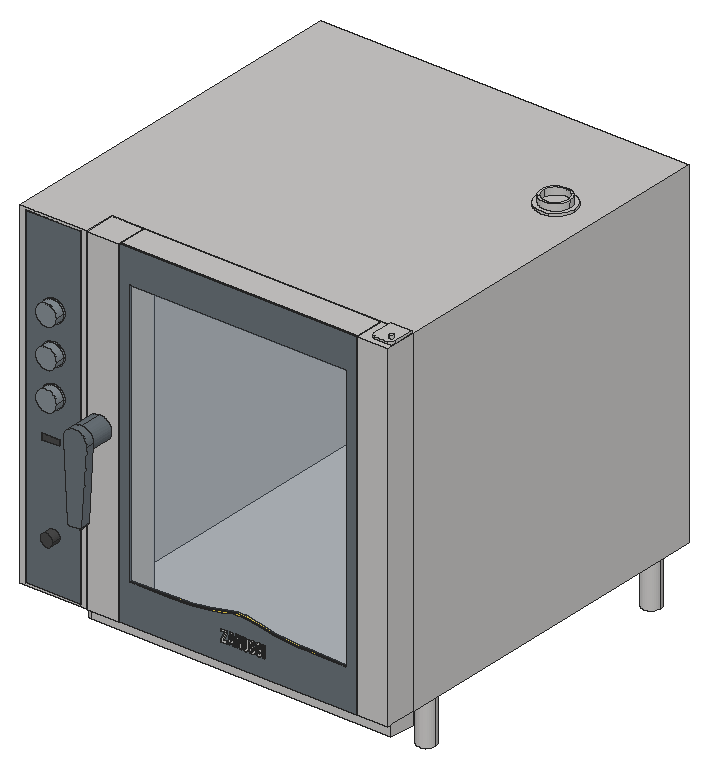
Revit family "QF_ZANUSSI_240485_ZFCE11CSES", category Specialty Equipment, Revit 2023
Family settings
  Round Connector Dimension = Use Diameter
  Part Type = Normal
  Work Plane-Based = No
  Enable Cutting in Views = No
  Always vertical = Yes
  Cut with Voids When Loaded = No
  Maintain Annotation Orientation = No
  Shared = No
  Room Calculation Point = No
Parameters
  Weight = 121.20 kg
  Watts = 0 W
  Volts = 380 V
  URL Manufacturer = "http://www.zanussiprofessional.com"
  URL = "http://www.zanussiprofessional.com"
  Steam Supply Size = 0 mm
  Steam Supply Minimum Pressure = 0.0 Pa
  Steam Supply Maximum Pressure = 0.0 Pa
  Steam Consumption per Hour = 0
  Show Logo [instance] = yes
  Show Clearance [instance] = yes
  Refrigeration Suction Line Size = 0 mm
  Refrigeration Liquid Line Size = 0 mm
  Refrigerant Compressor Remote = yes
  Default Elevation = 0 mm
  Manufacturer = "Zanussi"
  Phase = 3
  Model = "ZFCE11CSES"
  Length Actual = 890 mm
  Item Number = "240485"
  Hot Water Size = 0 mm
  Height Actual = 970 mm
  HP = "23.2 HP"
  Gas Size = 12.7 mm
  Gas KW = 0
  Gas Input Pressure = 0.0585289 W
  Direct Waste Size = 25 mm
  Description = "CONVECTION OVEN CW 10 GN 1/1 - ELECTRIC - 60HZ"
  Depth Actual = 900 mm
  Cycle = 60 Hz
  Condensate Return Size = 0 mm
  Compressed Air Volume = 0.0 L/s
  Compressed Air Size = 0 mm
  Compressed Air Pressure = 0.0 Pa
  Cold Water Size = 19.05 mm
  Accessory = no
Reference planes
  plane 1 "Center X": y = 96.351
  plane 2: z = 0
  plane 3 "Center Y": x = -330
  plane 4 "LEFT": x = -775
  plane 5 "BACK": y = 551.351
  plane 6 "RIGHT": x = 115
  plane 7 "FRONT": y = -358.649
  plane 8 "FeetLeft": x = -725
  plane 9: y = 501.351
  plane 10 "DoorDepth": y = -283.649
  plane 11 "FeetRight": x = 65
  plane 12 "BASE": z = 130
  plane 13 "TOP": z = 950
  plane 14: z = 0
  plane 15 "1": y = 274.351
  plane 16 "FeetFront": y = -178.649
  plane 17: z = 1018
  plane 18: y = -433.649
  plane 19 "Drain_X": x = -349
  plane 20 "Drain_Y": y = 256.351
  plane 21 "EI_x": x = -676
  plane 22 "EI_y": y = -99.649
  plane 23 "CWI_x": x = -659
  plane 24: y = -1044.649
  plane 25: y = 72.351
  plane 26: x = 15
Forms (mm)
  Extrusion 1, solid, material "QF_Finishes_Stainless Steel"
    sketch origin (0, 73.5, 130) x (-1, 0, 0) y (0, -1, 0)
      loop
        circle (659, 1.149) r 13.2
    from -5 to 0
  Extrusion 2, solid, material "QF_Finishes_Stainless Steel"
    sketch origin (0, 57.5, 130) x (-1, 0, 0) y (0, -1, 0)
      loop
        circle (676, 157.149) r 13.25
    from -5 to 0
  Extrusion 3, solid, material "QF_Finishes_Stainless Steel"
    sketch origin (89, -125, 130) x (-1, 0, 0) y (0, -1, 0)
      loop
        circle (438, -381.351) r 13.25
    from -5 to 0
  Extrusion 4, solid, material "QF_Finishes_Black"
    sketch origin (0, -358.649, 77) x (-1, 0, 0) y (0, 0, 1)
      loop
        circle (693.941, 183.023) r 15
    from 0 to -20
  Extrusion 5, solid, material "QF_Finishes_Zanussi_Soft Gray"
    sketch origin (0, -358.649, -96) x (-1, 0, 0) y (0, 0, 1)
      loop
        circle (693, 845.824) r 26.676
    from 0 to -3
  Blend 6, solid, material "QF_Finishes_Zanussi_Soft Gray"
    base sketch origin (0, -358.649, -96) x (-1, 0, 0) y (0, 0, 1)
      loop
        circle (693, 845.824) r 25
    top sketch origin (0, -358.649, -96) x (-1, 0, 0) y (0, 0, 1)
      loop
        circle (693, 845.824) r 24.8
    from -3 to -23
  Extrusion 7, solid, material "QF_Finishes_Zanussi_Soft Gray"
    sketch origin (0, -358.649, -105) x (-1, 0, 0) y (0, 0, 1)
      loop
        circle (693, 760.824) r 26.676
    from 0 to -3
  Blend 8, solid, material "QF_Finishes_Zanussi_Soft Gray"
    base sketch origin (0, -358.649, -105) x (-1, 0, 0) y (0, 0, 1)
      loop
        circle (693, 760.824) r 25
    top sketch origin (0, -358.649, -105) x (-1, 0, 0) y (0, 0, 1)
      loop
        circle (693, 760.824) r 24.8
    from -3 to -23
  Extrusion 9, solid, material "QF_Finishes_Zanussi_Soft Gray"
    sketch origin (0, -358.649, 183) x (-1, 0, 0) y (0, 0, 1)
      loop
        circle (693, 380.824) r 26.676
    from 0 to -3
  Blend 10, solid, material "QF_Finishes_Zanussi_Soft Gray"
    base sketch origin (0, -358.649, 183) x (-1, 0, 0) y (0, 0, 1)
      loop
        circle (693, 380.824) r 25
    top sketch origin (0, -358.649, 183) x (-1, 0, 0) y (0, 0, 1)
      loop
        circle (693, 380.824) r 24.8
    from -3 to -23
  Extrusion 11, solid, material "QF_Finishes_Stainless Steel"
    sketch origin (0, 0, 130) x (-1, 0, 0) y (0, -1, 0)
      loop
        line (775, -551.351) -> (775, 358.649) -> (613, 358.649) -> (613, 283.649) -> (-115, 283.649) -> (-115, -551.351) -> (775, -551.351)
    from 820 to 0
  Extrusion 12, solid, material "QF_Finishes_Zanussi_Dark Gray"
    sketch origin (0, -358.649, 0) x (-1, 0, 0) y (0, 0, 1)
      loop
        line (760, 945) -> (628, 945) -> (628, 135) -> (760, 135) -> (760, 945)
      loop
        line (678.941, 475.023) -> (678.941, 460.023) -> (720.941, 460.023) -> (720.941, 475.023) -> (678.941, 475.023)
    from 0 to 5
  Extrusion 13, void
    sketch origin (0, -358.649, 0) x (-1, 0, 0) y (0, 0, 1)
      loop
        line (760, 945) -> (628, 945) -> (628, 135) -> (760, 135) -> (760, 945)
    from 0 to 5
  Extrusion 14, void
    sketch origin (0, -358.649, 0) x (-1, 0, 0) y (0, 0, 1)
      loop
        line (-87.826, 145) -> (610, 145) -> (610, 930) -> (-87.826, 930) -> (-87.826, 145)
    from 883.561 to 75
  Extrusion 15, solid, material "QF_Finishes_Black"
    sketch origin (-5, -358.649, 195) x (-1, 0, 0) y (0, 0, 1)
      loop
        line (715.941, 280.023) -> (673.941, 280.023) -> (673.941, 265.023) -> (715.941, 265.023) -> (715.941, 280.023)
    from 5 to 0
  Extrusion 16, solid, material "QF_Clearances", detail levels coarse
    sketch origin (0, 0, 0) x (1, 0, 0) y (0, 1, 0)
      loop
        line (-825, -358.649) -> (-775, -358.649) -> (-775, 551.351) -> (115, 551.351) -> (115, -358.649) -> (165, -358.649) -> (165, 601.351) -> (-825, 601.351) -> (-825, -358.649)
    from 950 to 0
  Extrusion 17, solid, material "QF_Finishes_Stainless Steel"
    sketch origin (0, 0, 950) x (-1, 0, 0) y (0, -1, 0)
      loop
        circle (-15, -274.351) r 45
    from 5 to 0
  Extrusion 18, solid, material "QF_Finishes_Stainless Steel"
    sketch origin (0, 0, 950) x (-1, 0, 0) y (0, -1, 0)
      loop
        circle (-15, -274.351) r 35
      loop
        circle (-15, -274.351) r 30
    from 5 to 20.369
Cuts and joins
  Extrusion 13, Extrusion 14 cuts Extrusion 11
Lines and regions (mm)
  symbolic lines
    curve 1: line (-775, -358.649, 1620) -> (-775, 551.351, 1620)
    curve 2: line (-775, 551.351, 1620) -> (115, 551.351, 1620)
    curve 3: line (-613, -283.649, 1620) -> (115, -283.649, 1620)
    curve 4: line (-613, -283.649, 1620) -> (-613, -358.649, 1620)
    curve 5: line (-775, -358.649, 1620) -> (-613, -358.649, 1620)
    curve 6: line (-719.676, -361.649, 1620) -> (-666.324, -361.649, 1620)
    curve 7: line (-719.676, -361.649, 1620) -> (-719.676, -358.649, 1620)
    curve 8: line (-666.324, -361.649, 1620) -> (-666.324, -358.649, 1620)
    curve 9: line (115, 551.351, 1620) -> (115, -358.649, 1620)
    curve 10: line (-717.863, -381.649, 684) -> (-668.2, -381.649, 684)
    curve 11: line (-717.863, -381.649, 684) -> (-718, -361.649, 684)
    curve 12: line (-668.2, -381.649, 684) -> (-668, -361.649, 684)
    curve 18: circle (15, 274.351, 633) r 45 normal (0, 0, 1)
    curve 19: circle (15, 274.351, 633) r 35 normal (0, 0, 1)
    curve 20: circle (15, 274.351, 633) r 30 normal (0, 0, -1)
  symbolic lines, style "QF_Clearances", detail levels coarse
    curve 13: line (-825, -358.649, 0) -> (-825, 601.351, 0)
    curve 14: line (-825, 601.351, 0) -> (165, 601.351, 0)
    curve 15: line (165, 601.351, 0) -> (165, -358.649, 0)
    curve 16: line (165, -358.649, 0) -> (115, -358.649, 0)
    curve 17: line (-825, -358.649, 0) -> (-768.438, -358.649, 0)
Dimensions and locks
  equal spacing: plane 4 "LEFT", plane 3 "Center Y", plane 6 "RIGHT"
  equal spacing: plane 5 "BACK", plane 1 "Center X", plane 7 "FRONT"
  plane 12 "BASE" to plane 14 = 130 mm
  plane 13 "TOP" to plane 12 "BASE" = 820 mm
  plane 13 "TOP" to plane 14 = 950 mm
  plane 5 "BACK" to plane 9 = 50 mm
  plane 9 to plane 16 "FeetFront" = 680 mm
  locked: plane 16 "FeetFront" to plane 7 "FRONT" at 180
  plane 17 to plane 13 "TOP" to plane 12 "BASE" to level = 68 mm, 820 mm, 130 mm
  plane 17 to level = 1018 mm  (x2)
  plane 7 "FRONT" to plane 18 = 75 mm
  plane 5 "BACK" to plane 20 "Drain_Y" = 295 mm
  plane 4 "LEFT" to plane 19 "Drain_X" = 426 mm
  locked: plane 4 "LEFT" to plane 21 "EI_x" at 99
  plane 5 "BACK" to plane 22 "EI_y" = 651 mm
  plane 4 "LEFT" to plane 23 "CWI_x" = 116 mm
  plane 5 "BACK" to plane 15 "1" = 277 mm
  plane 5 "BACK" to plane 24 = 1596 mm
  plane 5 "BACK" to plane 25 = 479 mm
  locked: plane 10 "DoorDepth" to plane 7 "FRONT" at 75
  plane 8 "FeetLeft" to plane 4 "LEFT" = 50 mm
  plane 6 "RIGHT" to plane 11 "FeetRight" = 50 mm
  plane 11 "FeetRight" to plane 8 "FeetLeft" = 790 mm
  plane 5 "BACK" to plane 7 "FRONT" = 910 mm
  plane 4 "LEFT" to plane 6 "RIGHT" = 890 mm
  plane 26 to plane 6 "RIGHT" = 100 mm
  aligned and locked: level to plane 2
  aligned and locked: plane 12 "BASE" to nested 1
  aligned and locked: plane 12 "BASE" to nested 2
  aligned and locked: plane 12 "BASE" to nested 4
  aligned and locked: plane 12 "BASE" to nested 3
  aligned and locked: nested 5 to plane 10 "DoorDepth"
  aligned and locked: nested 5 to plane 12 "BASE"
  aligned and locked: plane 6 "RIGHT" to nested 5
  aligned and locked: plane 8 "FeetLeft" to nested 4
  aligned and locked: plane 11 "FeetRight" to nested 2
  aligned and locked: plane 11 "FeetRight" to nested 3
  aligned and locked: nested 4 to plane 9
  aligned and locked: nested 3 to plane 9
  aligned and locked: plane 16 "FeetFront" to nested 1
  aligned and locked: plane 16 "FeetFront" to nested 2
Automatic sketch dimensions
  Extrusion 2 sketch curve to plane 21 "EI_x" = 0 mm
  Extrusion 2 sketch curve to plane 22 "EI_y" = 0 mm
  Extrusion 3 sketch curve to plane 19 "Drain_X" = 0 mm
  Extrusion 3 sketch curve to plane 20 "Drain_Y" = 0 mm
  plane 12 "BASE" to Extrusion 4 sketch curve = 130.023 mm
  Extrusion 5 sketch curve to plane 13 "TOP" = 200.176 mm
  Blend 6 sketch curve to plane 13 "TOP" = 200.176 mm  (x2)
  Extrusion 7 sketch curve to plane 13 "TOP" = 294.176 mm
  Blend 8 sketch curve to plane 13 "TOP" = 294.176 mm  (x2)
  plane 12 "BASE" to Extrusion 9 sketch curve = 433.824 mm
  plane 12 "BASE" to Blend 10 sketch curve = 433.824 mm  (x2)
  Extrusion 11 sketch curve to plane 5 "BACK" = 0 mm
  Extrusion 11 sketch curve to plane 6 "RIGHT" = 0 mm
  Extrusion 11 sketch curve to plane 10 "DoorDepth" = 0 mm
  Extrusion 11 sketch curve to plane 7 "FRONT" = 0 mm
  Extrusion 11 sketch curve to plane 4 "LEFT" = 0 mm
  plane 21 "EI_x" to Extrusion 11 sketch curve = 63 mm
  Extrusion 13 sketch curve to plane 13 "TOP" = 5 mm
  plane 21 "EI_x" to Extrusion 13 sketch curve = 48 mm
  Extrusion 13 sketch curve to plane 8 "FeetLeft" = 35 mm
  plane 12 "BASE" to Extrusion 13 sketch curve = 5 mm
  Extrusion 14 sketch curve to plane 13 "TOP" = 20 mm
  plane 11 "FeetRight" to Extrusion 14 sketch curve = 22.826 mm
  plane 21 "EI_x" to Extrusion 14 sketch curve = 66 mm
  plane 12 "BASE" to Extrusion 14 sketch curve = 15 mm
  Extrusion 12 sketch curve to plane 13 "TOP" = 5 mm
  plane 21 "EI_x" to Extrusion 12 sketch curve = 48 mm
  Extrusion 12 sketch curve to plane 21 "EI_x" = 2.941 mm
  plane 8 "FeetLeft" to Extrusion 12 sketch curve = 4.059 mm
  plane 4 "LEFT" to Extrusion 12 sketch curve = 15 mm
  plane 12 "BASE" to Extrusion 12 sketch curve = 345.023 mm
  Extrusion 12 sketch curve to Extrusion 12 sketch curve = 15 mm
  plane 12 "BASE" to Extrusion 12 sketch curve = 5 mm
  Extrusion 15 sketch curve to plane 21 "EI_x" = 2.941 mm
  plane 8 "FeetLeft" to Extrusion 15 sketch curve = 4.059 mm
  plane 12 "BASE" to Extrusion 15 sketch curve = 330.023 mm
  Extrusion 15 sketch curve to Extrusion 15 sketch curve = 15 mm
  curve 3 to plane 10 "DoorDepth" = 0 mm
  curve 5 to plane 7 "FRONT" = 0 mm
  curve 2 to plane 4 "LEFT" = 0 mm
  curve 1 to plane 5 "BACK" = 0 mm
  plane 21 "EI_x" to curve 3 = 63 mm
  curve 8 to plane 7 "FRONT" = 3 mm
  plane 21 "EI_x" to curve 8 = 9.676 mm
  plane 8 "FeetLeft" to curve 6 = 5.324 mm
  curve 9 to plane 6 "RIGHT" = 0 mm
  curve 9 to plane 7 "FRONT" = 0 mm
  Extrusion 16 sketch curve to plane 7 "FRONT" = 0 mm  (x2)
  Extrusion 16 sketch curve to plane 4 "LEFT" = 0 mm
  Extrusion 16 sketch curve to plane 5 "BACK" = 0 mm
  Extrusion 16 sketch curve to plane 6 "RIGHT" = 0 mm
  Extrusion 16 sketch curve to Extrusion 16 sketch curve = 50 mm
  plane 6 "RIGHT" to Extrusion 16 sketch curve = 50 mm
  plane 5 "BACK" to Extrusion 16 sketch curve = 50 mm
  Extrusion 1 sketch curve to plane 23 "CWI_x" = 0 mm
  Extrusion 1 sketch curve to plane 25 = 0 mm
  curve 13 to plane 7 "FRONT" = 0 mm
  curve 16 to plane 6 "RIGHT" = 0 mm
  curve 16 to plane 7 "FRONT" = 0 mm
  curve 17 to plane 4 "LEFT" = 50 mm
  plane 6 "RIGHT" to curve 15 = 50 mm
  plane 5 "BACK" to curve 14 = 50 mm
  plane 4 "LEFT" to curve 17 = 6.562 mm
  plane 21 "EI_x" to curve 12 = 7.8 mm
  curve 12 to plane 7 "FRONT" = 23 mm
  curve 12 to plane 7 "FRONT" = 3 mm
  plane 21 "EI_x" to curve 12 = 8 mm
  plane 8 "FeetLeft" to curve 11 = 7.137 mm
  curve 11 to plane 7 "FRONT" = 3 mm
  plane 8 "FeetLeft" to curve 11 = 7 mm
  Extrusion 4 sketch curve to plane 21 "EI_x" = 17.941 mm
  Extrusion 5 sketch curve to plane 21 "EI_x" = 17 mm
  Blend 6 sketch curve to plane 21 "EI_x" = 17 mm  (x2)
  Extrusion 7 sketch curve to plane 21 "EI_x" = 17 mm
  Blend 8 sketch curve to plane 21 "EI_x" = 17 mm  (x2)
  Extrusion 9 sketch curve to plane 21 "EI_x" = 17 mm
  Blend 10 sketch curve to plane 21 "EI_x" = 17 mm  (x2)
  curve 18 to curve 19 = 0 mm  (x2)
  curve 18 to curve 20 = 0 mm  (x2)
  curve 19 to curve 20 = 0 mm  (x2)
  curve 19 to plane 15 "1" = 0 mm
  curve 19 to plane 26 = 0 mm
  Extrusion 18 sketch curve to Extrusion 18 sketch curve = 0 mm  (x2)
  Extrusion 18 sketch curve to plane 15 "1" = 0 mm
  Extrusion 18 sketch curve to plane 26 = 0 mm
  Extrusion 17 sketch curve to plane 15 "1" = 0 mm
  Extrusion 17 sketch curve to plane 26 = 0 mm
  radius of Extrusion 2 sketch curve = 13.25 mm
  radius of Extrusion 3 sketch curve = 13.25 mm
  radius of Extrusion 4 sketch curve = 15 mm
  radius of Extrusion 5 sketch curve = 26.676 mm
  radius of Blend 6 sketch curve = 25 mm
  radius of Blend 6 sketch curve = 24.8 mm
  radius of Extrusion 7 sketch curve = 26.676 mm
  radius of Blend 8 sketch curve = 25 mm
  radius of Blend 8 sketch curve = 24.8 mm
  radius of Extrusion 9 sketch curve = 26.676 mm
  radius of Blend 10 sketch curve = 25 mm
  radius of Blend 10 sketch curve = 24.8 mm
  radius of Extrusion 1 sketch curve = 13.2 mm
  radius of curve 18 = 45 mm
  radius of curve 19 = 35 mm
  radius of curve 20 = 30 mm
  radius of Extrusion 18 sketch curve = 35 mm
  radius of Extrusion 18 sketch curve = 30 mm
  radius of Extrusion 17 sketch curve = 45 mm
Nested families
  nested 1: "Foot" at (-725, -178.649, 0), type "Foot"
    with Ø 22 mm, H 130 mm
  nested 2: "Foot" at (65, -178.649, 0), type "Foot"
    with Ø 22 mm, H 130 mm
  nested 3: "Foot" at (65, 501.351, 0), type "Foot"
    with Ø 22 mm, H 130 mm
  nested 4: "Foot" at (-725, 501.351, 0), type "Foot"
    with Ø 22 mm, H 130 mm
  nested 5: "ZAN_DOOR_CROSSWISE_H820" at (115, -286.649, 0), type "ZAN_DOOR_CROSSWISE_H820"
    with Show Clearance yes
Connectors
  piping at (-349, 256.351, 125), diameter 25, driven by "Direct Waste Size"
    settings: on Extrusion 3, index 6, connector inside diameter 609.6 mm, connector length 0 mm, flow factor 0, pipe flow 0.0 L/s, pressure drop 0.0 Pa, fitting loss kfactor 0, connector angle 0.00°, fixture units 0, engagement length 0 mm, angle of deflection 0.00°, flow configuration 0, flow direction 2, fitting loss method 0, system type 16, joint type 0, gender type 0, connector reference index -1, connector utility 0, adjustable connector no, is connector primary yes, connector description "Drain"
  electrical at (-676, -99.649, 125)
    settings: on Extrusion 2, index 7, voltage 0 V, apparent load 0 VA, apparent load phase1 0 VA, apparent load phase2 0 VA, apparent load phase3 0 VA, power factor 1, load classification "Altro", number of poles 1, system type 30, power factor state 1, is connector primary yes, connector utility no, sub classification motor no, connector description "Electrical Connection"
  piping at (-659, 72.351, 125), diameter 19.05, driven by "Cold Water Size"
    settings: on Extrusion 1, index 8, connector inside diameter 609.6 mm, connector length 0 mm, flow factor 0, pipe flow 0.0 L/s, pressure drop 0.0 Pa, fitting loss kfactor 0, connector angle 0.00°, fixture units 0, engagement length 0 mm, angle of deflection 0.00°, flow configuration 0, flow direction 1, fitting loss method 0, system type 20, joint type 0, gender type 0, connector reference index -1, connector utility 0, adjustable connector no, is connector primary no, connector description "Cold Water Inlet"
Definition of nested family "Foot"
  Parameters
    Ø [instance] = 20 mm
    Default Elevation = 0 mm
    H [instance] = 50 mm
  Reference planes
    plane 1 "Centro (Fronte/Retro)": y = 0
    plane 2: z = 0
    plane 3 "Centro (Sinistra/Destra)": x = 0
    plane 4: z = 50
  Forms (mm)
    Revolve 1, solid
      sketch origin (255.05, 0, 608.09) x (0, 0, 1) y (-1, 0, 0)
        loop
          line (-608.09, 255.05) -> (-608.09, 235.05) -> (-558.09, 235.05) -> (-558.09, 255.05) -> (-608.09, 255.05)
        axis (-608.09, 255.05) -> (-558.09, 255.05)
      angle from 0 to 360
  Dimensions and locks
    "H": plane 4 to plane 2
    "Ø": Revolve 1 sketch curve to Revolve 1 sketch curve
    aligned and locked: level to plane 2
    aligned and locked: plane 4 to Revolve 1 sketch curve
    aligned and locked: Revolve 1 sketch curve to level
    aligned and locked: plane 3 "Centro (Sinistra/Destra)" to Revolve 1 sketch curve
  Automatic sketch dimensions
    Revolve 1 sketch curve to plane 3 "Centro (Sinistra/Destra)" = 0 mm
    Revolve 1 sketch curve to Revolve 1 sketch curve = 50 mm
    Revolve 1 sketch curve to Revolve 1 sketch curve = 20 mm
Definition of nested family "ZAN_DOOR_CROSSWISE_H820"
  Parameters (values of type "ZAN_DOOR_CROSSWISE_H820")
    sp_Lama = 5 mm
    Z_Maniglia = 405 mm
    W_Door = 725 mm
    Show Clearance [instance] = yes
    Default Elevation = 0 mm
    H_Feet = 130 mm
    H_FasciaTop = 75 mm
    H_Door = 820 mm
    W_fasce = 75 mm
    Direct Waste Size = 25 mm
  Reference planes
    plane 1 "Center (Front/Back)": y = 3
    plane 2: z = 0
    plane 3 "Center (Left/Right)": x = 0
    plane 4 "Top": z = 950
    plane 5 "Feet": z = 130
    plane 6 "Front": y = -72
    plane 7: z = 945
    plane 8: z = 870
    plane 9: x = -625
    plane 10: x = -75
    plane 11: x = -725
    plane 12: x = -650
    plane 13: x = -100
    plane 14: x = -649
    plane 15: x = -76
    plane 16: z = 154
    plane 17: z = 535
    plane 18: x = -697
  Forms (mm)
    Extrusion 1, solid
      sketch origin (0, -72, 0) x (0, 0, -1) y (-1, 0, 0)
        loop
          line (-950, 725) -> (-950, 650) -> (-130, 650) -> (-130, 725) -> (-950, 725)
        loop
          line (-950, 0) -> (-130, 0) -> (-130, 75) -> (-950, 75) -> (-950, 0)
      from 0 to 75
    Extrusion 2, solid
      sketch origin (0, -72, 0) x (0, 0, -1) y (-1, 0, 0)
        loop
          line (-226.277, 625) -> (-870, 625) -> (-870, 100) -> (-226.277, 100) -> (-226.277, 179.596) -> (-226.464, 194.035) -> (-226.816, 214.136)
          arc (-226.816, 214.136) -> (-227.121, 224.207) -> (-227.693, 234.266) r 381.251
          arc (-227.693, 234.266) -> (-229.438, 254.344) -> (-232.142, 274.315) r 421.149
          arc (-232.142, 274.315) -> (-235.022, 290.185) -> (-238.297, 305.979) r 647.683
          arc (-238.297, 305.979) -> (-241.149, 319.693) -> (-243.677, 333.471) r 593.178
          arc (-243.677, 333.471) -> (-244.098, 337.378) -> (-244.435, 341.294) r 181.693
          arc (-244.435, 341.294) -> (-244.748, 347.295) -> (-244.843, 353.303) r 166.118
          arc (-244.843, 353.303) -> (-244.747, 359.31) -> (-244.433, 365.309) r 166.118
          arc (-244.433, 365.309) -> (-244.097, 369.204) -> (-243.677, 373.091) r 181.693
          arc (-243.677, 373.091) -> (-241.149, 386.869) -> (-238.297, 400.583) r 593.179
          arc (-238.297, 400.583) -> (-235.025, 416.365) -> (-232.147, 432.223) r 647.683
          arc (-232.147, 432.223) -> (-229.444, 452.168) -> (-227.698, 472.219) r 421.148
          arc (-227.698, 472.219) -> (-227.123, 482.317) -> (-226.816, 492.426) r 381.251
          line (-226.816, 492.426) -> (-226.464, 512.527) -> (-226.277, 526.966) -> (-226.277, 625)
        loop
          line (-130, 76) -> (-130, 649) -> (-950, 649) -> (-950, 76) -> (-130, 76)
      from 0 to 5
    Extrusion 3, void
      sketch origin (-100, -72, 0) x (-1, 0, 0) y (0, 0, 1)
        loop
          line (288.603, 173.973) -> (303.509, 173.973) -> (303.509, 179.706) -> (295.318, 196.905) -> (302.853, 196.741) -> (302.853, 201.982) -> (288.603, 201.982) -> (288.603, 197.232) -> (297.201, 179.706) -> (288.603, 179.706) -> (288.603, 173.973)
        loop
          line (280.375, 184.456) -> (278.737, 197.195) -> (277.1, 184.456) -> (280.375, 184.456)
        loop
          line (281.849, 173.973) -> (287.746, 173.973) -> (282.669, 201.982) -> (274.806, 201.982) -> (269.565, 173.973) -> (275.461, 173.973) -> (276.281, 179.378) -> (281.031, 179.378) -> (281.849, 173.973)
        loop
          line (268.839, 201.982) -> (262.778, 201.982) -> (258.028, 184.128) -> (258.028, 201.982) -> (252.786, 201.982) -> (252.786, 173.973) -> (259.011, 173.973) -> (263.761, 192.482) -> (263.761, 173.973) -> (268.839, 173.973) -> (268.839, 201.982)
        loop
          line (251.476, 180.9) -> (251.476, 201.982) -> (245.743, 201.982) -> (245.743, 180.689)
          arc (245.743, 180.689) -> (243.81, 179.443) -> (242.303, 181.18) r 1.755
          line (242.303, 181.18) -> (242.303, 201.982) -> (236.57, 201.982) -> (236.57, 179.87)
          arc (236.57, 179.87) -> (244.469, 173.928) -> (251.476, 180.9) r 7.548
        loop
          line (225.923, 193.137) -> (225.923, 196.183)
          arc (225.923, 196.183) -> (228.232, 197.801) -> (229.849, 195.492) r 1.993
          arc (229.849, 195.492) -> (229.394, 194.205) -> (228.544, 193.137) r 4.132
          line (228.544, 193.137) -> (222.261, 187.482)
          arc (222.261, 187.482) -> (220.244, 183.234) -> (220.358, 178.532) r 10.152
          arc (220.358, 178.532) -> (226.648, 173.979) -> (234.116, 176.106) r 8.889
          arc (234.116, 176.106) -> (235.696, 179.791) -> (235.751, 183.801) r 10.311
          line (235.751, 183.801) -> (230.033, 183.801)
          arc (230.033, 183.801) -> (230.009, 183.099) -> (230.033, 182.396) r 10.165
          arc (230.033, 182.396) -> (230.059, 181.653) -> (230.033, 180.91) r 10.759
          arc (230.033, 180.91) -> (229.7, 179.855) -> (228.922, 179.068) r 2.359
          arc (228.922, 179.068) -> (226.339, 179.656) -> (226.065, 182.291) r 2.275
          arc (226.065, 182.291) -> (227.174, 183.799) -> (228.6, 185.01) r 8.056
          line (228.6, 185.01) -> (231.016, 187.151)
          arc (231.016, 187.151) -> (233.167, 189.4) -> (234.919, 191.972) r 18.895
          arc (234.919, 191.972) -> (235.183, 196.623) -> (233.05, 200.765) r 8.857
          arc (233.05, 200.765) -> (227.818, 202.471) -> (222.586, 200.765) r 8.876
          arc (222.586, 200.765) -> (220.806, 198.522) -> (220.429, 195.684) r 5.378
          line (220.429, 195.684) -> (220.518, 193.137) -> (225.923, 193.137)
        loop
          line (209.587, 193.137) -> (209.587, 196.183)
          arc (209.587, 196.183) -> (211.896, 197.801) -> (213.513, 195.492) r 1.993
          arc (213.513, 195.492) -> (213.058, 194.205) -> (212.208, 193.137) r 4.132
          line (212.208, 193.137) -> (205.924, 187.482)
          arc (205.924, 187.482) -> (203.908, 183.234) -> (204.022, 178.532) r 10.152
          arc (204.022, 178.532) -> (210.312, 173.979) -> (217.779, 176.106) r 8.889
          arc (217.779, 176.106) -> (219.36, 179.791) -> (219.415, 183.801) r 10.311
          line (219.415, 183.801) -> (213.696, 183.801)
          arc (213.696, 183.801) -> (213.672, 183.099) -> (213.696, 182.396) r 10.165
          arc (213.696, 182.396) -> (213.722, 181.653) -> (213.696, 180.91) r 10.759
          arc (213.696, 180.91) -> (213.363, 179.855) -> (212.586, 179.068) r 2.359
          arc (212.586, 179.068) -> (210.003, 179.656) -> (209.729, 182.291) r 2.275
          arc (209.729, 182.291) -> (210.837, 183.799) -> (212.264, 185.01) r 8.056
          line (212.264, 185.01) -> (214.679, 187.151)
          arc (214.679, 187.151) -> (216.83, 189.4) -> (218.583, 191.972) r 18.895
          arc (218.583, 191.972) -> (218.847, 196.623) -> (216.714, 200.765) r 8.857
          arc (216.714, 200.765) -> (211.482, 202.471) -> (206.25, 200.765) r 8.876
          arc (206.25, 200.765) -> (204.469, 198.522) -> (204.093, 195.684) r 5.378
          line (204.093, 195.684) -> (204.182, 193.137) -> (209.587, 193.137)
        loop
          line (202.992, 201.982) -> (197.259, 201.982) -> (197.259, 173.973) -> (202.992, 173.973) -> (202.992, 201.982)
      from 0 to 2
    Extrusion 4, solid
      sketch origin (0, -72, 0) x (0, 0, -1) y (-1, 0, 0)
        loop
          line (-173.973, 388.603) -> (-173.973, 403.509) -> (-179.706, 403.509) -> (-196.905, 395.318) -> (-196.741, 402.853) -> (-201.982, 402.853) -> (-201.982, 388.603) -> (-197.232, 388.603) -> (-179.706, 397.201) -> (-179.706, 388.603) -> (-173.973, 388.603)
        loop
          line (-184.456, 380.375) -> (-197.195, 378.737) -> (-184.456, 377.1) -> (-184.456, 380.375)
        loop
          line (-173.973, 381.849) -> (-173.973, 387.746) -> (-201.982, 382.669) -> (-201.982, 374.806) -> (-173.973, 369.565) -> (-173.973, 375.461) -> (-179.378, 376.281) -> (-179.378, 381.031) -> (-173.973, 381.849)
        loop
          line (-201.982, 368.839) -> (-201.982, 362.778) -> (-184.128, 358.028) -> (-201.982, 358.028) -> (-201.982, 352.786) -> (-173.973, 352.786) -> (-173.973, 359.011) -> (-192.482, 363.761) -> (-173.973, 363.761) -> (-173.973, 368.839) -> (-201.982, 368.839)
        loop
          line (-180.9, 351.476) -> (-201.982, 351.476) -> (-201.982, 345.743) -> (-180.689, 345.743)
          arc (-180.689, 345.743) -> (-179.443, 343.81) -> (-181.18, 342.303) r 1.755
          line (-181.18, 342.303) -> (-201.982, 342.303) -> (-201.982, 336.57) -> (-179.87, 336.57)
          arc (-179.87, 336.57) -> (-173.928, 344.469) -> (-180.9, 351.476) r 7.548
        loop
          line (-193.137, 325.923) -> (-196.183, 325.923)
          arc (-196.183, 325.923) -> (-197.801, 328.232) -> (-195.492, 329.849) r 1.993
          arc (-195.492, 329.849) -> (-194.205, 329.394) -> (-193.137, 328.544) r 4.132
          line (-193.137, 328.544) -> (-187.482, 322.261)
          arc (-187.482, 322.261) -> (-183.234, 320.244) -> (-178.532, 320.358) r 10.152
          arc (-178.532, 320.358) -> (-173.979, 326.648) -> (-176.106, 334.116) r 8.889
          arc (-176.106, 334.116) -> (-179.791, 335.696) -> (-183.801, 335.751) r 10.311
          line (-183.801, 335.751) -> (-183.801, 330.033)
          arc (-183.801, 330.033) -> (-183.099, 330.009) -> (-182.396, 330.033) r 10.165
          arc (-182.396, 330.033) -> (-181.653, 330.059) -> (-180.91, 330.033) r 10.759
          arc (-180.91, 330.033) -> (-179.855, 329.7) -> (-179.068, 328.922) r 2.359
          arc (-179.068, 328.922) -> (-179.656, 326.339) -> (-182.291, 326.065) r 2.275
          arc (-182.291, 326.065) -> (-183.799, 327.174) -> (-185.01, 328.6) r 8.056
          line (-185.01, 328.6) -> (-187.151, 331.016)
          arc (-187.151, 331.016) -> (-189.4, 333.167) -> (-191.972, 334.919) r 18.895
          arc (-191.972, 334.919) -> (-196.623, 335.183) -> (-200.765, 333.05) r 8.857
          arc (-200.765, 333.05) -> (-202.471, 327.818) -> (-200.765, 322.586) r 8.876
          arc (-200.765, 322.586) -> (-198.522, 320.806) -> (-195.684, 320.429) r 5.378
          line (-195.684, 320.429) -> (-193.137, 320.518) -> (-193.137, 325.923)
        loop
          line (-193.137, 309.587) -> (-196.183, 309.587)
          arc (-196.183, 309.587) -> (-197.801, 311.896) -> (-195.492, 313.513) r 1.993
          arc (-195.492, 313.513) -> (-194.205, 313.058) -> (-193.137, 312.208) r 4.132
          line (-193.137, 312.208) -> (-187.482, 305.924)
          arc (-187.482, 305.924) -> (-183.234, 303.908) -> (-178.532, 304.022) r 10.152
          arc (-178.532, 304.022) -> (-173.979, 310.312) -> (-176.106, 317.779) r 8.889
          arc (-176.106, 317.779) -> (-179.791, 319.36) -> (-183.801, 319.415) r 10.311
          line (-183.801, 319.415) -> (-183.801, 313.696)
          arc (-183.801, 313.696) -> (-183.099, 313.672) -> (-182.396, 313.696) r 10.165
          arc (-182.396, 313.696) -> (-181.653, 313.722) -> (-180.91, 313.696) r 10.759
          arc (-180.91, 313.696) -> (-179.855, 313.363) -> (-179.068, 312.586) r 2.359
          arc (-179.068, 312.586) -> (-179.656, 310.003) -> (-182.291, 309.729) r 2.275
          arc (-182.291, 309.729) -> (-183.799, 310.837) -> (-185.01, 312.264) r 8.056
          line (-185.01, 312.264) -> (-187.151, 314.679)
          arc (-187.151, 314.679) -> (-189.4, 316.83) -> (-191.972, 318.583) r 18.895
          arc (-191.972, 318.583) -> (-196.623, 318.847) -> (-200.765, 316.714) r 8.857
          arc (-200.765, 316.714) -> (-202.471, 311.482) -> (-200.765, 306.25) r 8.876
          arc (-200.765, 306.25) -> (-198.522, 304.469) -> (-195.684, 304.093) r 5.378
          line (-195.684, 304.093) -> (-193.137, 304.182) -> (-193.137, 309.587)
        loop
          line (-201.982, 302.992) -> (-201.982, 297.259) -> (-173.973, 297.259) -> (-173.973, 302.992) -> (-201.982, 302.992)
      from 0 to 2
    Extrusion 5, solid
      sketch origin (0, -72, 0) x (0, 0, -1) y (-1, 0, 0)
        loop
          line (-945, 649) -> (-945, 625) -> (-154, 625) -> (-154, 100) -> (-945, 100) -> (-945, 76) -> (-130, 76) -> (-130, 649) -> (-945, 649)
      from 5 to 75
    Extrusion 6, solid
      sketch origin (0, -72, 0) x (0, 0, -1) y (-1, 0, 0)
        loop
          line (-945, 625) -> (-945, 100) -> (-154, 100) -> (-154, 625) -> (-945, 625)
      from 75 to 70
    Extrusion 7, solid
      sketch origin (0, -72, 0) x (0, 0, -1) y (-1, 0, 0)
        loop
          line (-945, 649) -> (-950, 649) -> (-950, 76) -> (-945, 76) -> (-945, 649)
      from 5 to 75
    Extrusion 8, solid
      sketch origin (-100, -72, -17) x (-1, 0, 0) y (0, 0, 1)
        loop
          arc (608.817, 368.345) -> (612.24, 369.7) -> (613.808, 373.032) r 5
          line (613.808, 373.032) -> (624.987, 551.163)
          arc (624.987, 551.163) -> (596.54, 579.996) -> (569.055, 550.244) r 28
          line (569.055, 550.244) -> (580.194, 373.003)
          arc (580.194, 373.003) -> (581.77, 369.69) -> (585.183, 368.345) r 5
          line (585.183, 368.345) -> (608.817, 368.345)
      from -55 to -75
    Extrusion 9, solid
      sketch origin (0, -72, 0) x (0, 0, -1) y (-1, 0, 0)
        loop
          circle (-535, 697) r 28
      from 0 to -55
    Extrusion 10, solid
      sketch origin (0, 0, 0) x (0, 1, 0) y (0, 0, 1)
        loop
          line (-62, 130) -> (-62, 105) -> (3, 100.455) -> (3, 130) -> (-62, 130)
      from -725 to 0
    Extrusion 11, solid
      sketch origin (0, 0, 950) x (0, -1, 0) y (1, 0, 0)
        loop
          circle (38.919, -17.1) r 5
      from 10 to 5
    Extrusion 12, solid
      sketch origin (0, 0, 950) x (0, -1, 0) y (1, 0, 0)
        loop
          line (-3, -52.67) -> (47, -52.67)
          arc (47, -52.67) -> (54.071, -49.741) -> (57, -42.67) r 10
          line (57, -42.67) -> (57, -12.67)
          arc (57, -12.67) -> (54.071, -5.598) -> (47, -2.67) r 10
          line (47, -2.67) -> (-3, -2.67) -> (-3, -52.67)
      from 5 to 0
    Extrusion 13, solid, detail levels coarse
      sketch origin (-100, 215.149, 0) x (1, 0, 0) y (0, 1, 0)
        loop
          line (100, -972.149) -> (100, -287.149) -> (-625.004, -287.149)
          arc (-625.004, -287.149) -> (-403.591, -778.978) -> (100, -972.149) r 708.043
      from 950 to 130
    Extrusion 14, solid
      sketch origin (0, -72, 0) x (0, 0, -1) y (-1, 0, 0)
        loop
          line (-870, 625) -> (-870, 100) -> (-226.277, 100) -> (-228.887, 193.987) -> (-229.313, 214.075)
          arc (-229.313, 214.075) -> (-229.647, 224.091) -> (-230.232, 234.096) r 398.755
          arc (-230.232, 234.096) -> (-232.012, 254.045) -> (-234.745, 273.886) r 418.492
          arc (-234.745, 273.886) -> (-237.493, 288.79) -> (-240.528, 303.64) r 786.502
          arc (-240.528, 303.64) -> (-243.753, 318.136) -> (-246.344, 332.759) r 340.705
          arc (-246.344, 332.759) -> (-247.057, 338.079) -> (-247.553, 343.424) r 132.002
          arc (-247.553, 343.424) -> (-247.817, 348.358) -> (-247.896, 353.299) r 132.002
          arc (-247.896, 353.299) -> (-247.815, 358.239) -> (-247.55, 363.173) r 132.002
          arc (-247.55, 363.173) -> (-247.055, 368.5) -> (-246.344, 373.803) r 132.002
          arc (-246.344, 373.803) -> (-243.753, 388.426) -> (-240.528, 402.923) r 340.705
          arc (-240.528, 402.923) -> (-237.495, 417.76) -> (-234.749, 432.652) r 786.502
          arc (-234.749, 432.652) -> (-232.016, 452.488) -> (-230.234, 472.433) r 418.492
          arc (-230.234, 472.433) -> (-229.647, 482.454) -> (-229.313, 492.487) r 398.755
          line (-229.313, 492.487) -> (-228.887, 512.575) -> (-226.277, 625) -> (-870, 625)
      from 0 to 5
    Extrusion 15, solid
      sketch origin (0, -72, 0) x (0, 0, -1) y (-1, 0, 0)
        loop
          line (-228.887, 512.575) -> (-229.313, 492.487)
          arc (-229.313, 492.487) -> (-229.647, 482.454) -> (-230.234, 472.433) r 398.755
          arc (-230.234, 472.433) -> (-232.016, 452.488) -> (-234.749, 432.652) r 418.492
          arc (-234.749, 432.652) -> (-237.495, 417.76) -> (-240.528, 402.923) r 786.502
          arc (-240.528, 402.923) -> (-243.753, 388.426) -> (-246.344, 373.803) r 340.705
          arc (-246.344, 373.803) -> (-247.055, 368.5) -> (-247.55, 363.173) r 132.002
          arc (-247.55, 363.173) -> (-247.815, 358.239) -> (-247.896, 353.299) r 132.002
          arc (-247.896, 353.299) -> (-247.817, 348.358) -> (-247.553, 343.424) r 132.002
          arc (-247.553, 343.424) -> (-247.057, 338.079) -> (-246.344, 332.759) r 132.002
          arc (-246.344, 332.759) -> (-243.753, 318.136) -> (-240.528, 303.64) r 340.705
          arc (-240.528, 303.64) -> (-237.493, 288.79) -> (-234.745, 273.886) r 786.502
          arc (-234.745, 273.886) -> (-232.012, 254.045) -> (-230.232, 234.096) r 418.492
          arc (-230.232, 234.096) -> (-229.647, 224.091) -> (-229.313, 214.075) r 398.755
          line (-229.313, 214.075) -> (-228.887, 193.987) -> (-226.277, 100) -> (-226.277, 179.596) -> (-226.464, 194.035) -> (-226.816, 214.136)
          arc (-226.816, 214.136) -> (-227.121, 224.207) -> (-227.693, 234.266) r 381.251
          arc (-227.693, 234.266) -> (-229.438, 254.344) -> (-232.142, 274.315) r 421.149
          arc (-232.142, 274.315) -> (-235.022, 290.185) -> (-238.297, 305.979) r 647.683
          arc (-238.297, 305.979) -> (-241.149, 319.693) -> (-243.677, 333.471) r 593.178
          arc (-243.677, 333.471) -> (-244.328, 338.674) -> (-244.808, 343.895) r 159.419
          arc (-244.808, 343.895) -> (-245.055, 348.594) -> (-245.149, 353.299) r 143.741
          arc (-245.149, 353.299) -> (-245.054, 358.003) -> (-244.805, 362.702) r 143.741
          arc (-244.805, 362.702) -> (-244.326, 367.906) -> (-243.677, 373.091) r 159.42
          arc (-243.677, 373.091) -> (-241.149, 386.869) -> (-238.297, 400.583) r 593.179
          arc (-238.297, 400.583) -> (-235.025, 416.365) -> (-232.147, 432.223) r 647.683
          arc (-232.147, 432.223) -> (-229.444, 452.168) -> (-227.698, 472.219) r 421.148
          arc (-227.698, 472.219) -> (-227.123, 482.317) -> (-226.816, 492.426) r 381.251
          line (-226.816, 492.426) -> (-226.464, 512.527) -> (-226.277, 526.966) -> (-226.277, 625) -> (-228.887, 512.575)
      from 0 to 5
  Cuts and joins
    Extrusion 3 cuts Extrusion 2
  Lines and regions (mm)
    symbolic lines
      curve 1: line (-724.987, -127, 0) -> (-661.987, -127, 0)
      curve 2: line (-724.987, -147, 0) -> (-724.987, -72.467, 0)
      curve 3: line (-661.987, -147, 0) -> (-724.987, -147, 0)
      curve 4: line (-661.987, -72.467, 0) -> (-661.987, -147, 0)
      curve 5: line (-724.996, 3, 0) -> (0, 3, 0)
      curve 6: line (-724.996, -72.467, 0) -> (-724.996, 3, 0)
      curve 7: line (0, -72.467, 0) -> (-724.996, -72.467, 0)
      curve 8: line (0, 3, 0) -> (0, -72.467, 0)
      curve 9: line (-625, -72.467, 0) -> (-625, 3, 0)
      curve 10: line (-75, -72.467, 0) -> (-75, 3, 0)
      curve 11: arc (-52.67, -47, 0) -> (-49.741, -54.071, 0) -> (-42.67, -57, 0) r 10
      curve 12: line (-42.67, -57, 0) -> (-12.67, -57, 0)
      curve 13: arc (-12.67, -57, 0) -> (-5.598, -54.071, 0) -> (-2.67, -47, 0) r 10
      curve 14: line (-2.67, -47, 0) -> (-2.67, 3, 0)
      curve 15: line (-52.67, 3, 0) -> (-52.67, -47, 0)
      curve 16: circle (-17.1, -38.919, 0) r 5 normal (0, 0, 1)
      curve 17: line (0, -745.041, 0) -> (0, -72.467, 0)
      curve 18: arc (-725.004, -72, 0) -> (-503.591, -563.829, 0) -> (0, -757, 0) r 708.043
  Dimensions and locks
    plane 1 "Center (Front/Back)" to plane 6 "Front" = 75 mm
    "H_Feet": plane 5 "Feet" to level
    "H_Door": plane 4 "Top" to plane 5 "Feet"
    "sp_Lama": plane 4 "Top" to plane 7
    "H_FasciaTop": plane 7 to plane 8
    "W_fasce": plane 11 to plane 12
    "W_fasce": plane 3 "Center (Left/Right)" to plane 10
    locked: plane 14 to plane 12 at 1
    plane 15 to plane 10 = 1 mm
    locked: plane 9 to plane 14 at 24
    locked: plane 15 to plane 13 at 24
    locked: plane 16 to plane 5 "Feet" at 24
    "Z_Maniglia": plane 17 to plane 5 "Feet"
    plane 11 to plane 18 = 28 mm
    "W_Door": plane 11 to plane 3 "Center (Left/Right)"
    aligned and locked: level to plane 2
    aligned and locked: Extrusion 7 to plane 7
    aligned and locked: plane 7 to Extrusion 6
    aligned and locked: plane 7 to Extrusion 5  (x2)
    aligned and locked: Extrusion 1 to plane 4 "Top"  (x2)
    aligned and locked: Extrusion 13 to plane 4 "Top"
    aligned and locked: Extrusion 7 to plane 4 "Top"
    aligned and locked: cut or joined group of Extrusion 2, Extrusion 3 to plane 4 "Top"
    aligned and locked: cut or joined group of Extrusion 2, Extrusion 3 to plane 8
    aligned and locked: plane 5 "Feet" to Extrusion 5
    aligned and locked: plane 5 "Feet" to Extrusion 13
    aligned and locked: plane 5 "Feet" to Extrusion 1  (x2)
    aligned and locked: plane 5 "Feet" to cut or joined group of Extrusion 2, Extrusion 3
    aligned and locked: Extrusion 5 to plane 14
    aligned and locked: plane 9 to Extrusion 5
    aligned and locked: plane 15 to Extrusion 5
    aligned and locked: Extrusion 5 to plane 13
    aligned and locked: Extrusion 1 to plane 11
    aligned and locked: plane 3 "Center (Left/Right)" to Extrusion 1
    aligned and locked: plane 12 to Extrusion 1
    aligned and locked: Extrusion 1 to plane 10
    aligned and locked: plane 16 to Extrusion 5
    aligned and locked: Extrusion 6 to plane 16
    aligned and locked: plane 3 "Center (Left/Right)" to Extrusion 10
    aligned and locked: plane 9 to cut or joined group of Extrusion 2, Extrusion 3
    aligned and locked: cut or joined group of Extrusion 2, Extrusion 3 to plane 13
    aligned and locked: plane 11 to Extrusion 10
    aligned and locked: Extrusion 14 sketch curve to plane 8
    aligned and locked: Extrusion 14 sketch curve to plane 9
    aligned and locked: Extrusion 14 sketch curve to plane 13
  Automatic sketch dimensions
    Extrusion 9 sketch curve to plane 17 = 0 mm
    Extrusion 9 sketch curve to plane 18 = 0 mm
    Extrusion 1 sketch curve to plane 4 "Top" = 0 mm  (x2)
    Extrusion 1 sketch curve to plane 3 "Center (Left/Right)" = 0 mm
    Extrusion 1 sketch curve to plane 5 "Feet" = 0 mm  (x2)
    plane 10 to Extrusion 1 sketch curve = 0 mm
    plane 12 to Extrusion 1 sketch curve = 0 mm
    plane 11 to Extrusion 1 sketch curve = 0 mm
    plane 16 to Extrusion 3 sketch curve = 47.982 mm  (x3)
    plane 13 to Extrusion 3 sketch curve = 197.259 mm
    Extrusion 3 sketch curve to Extrusion 3 sketch curve = 4.888 mm
    Extrusion 3 sketch curve to Extrusion 3 sketch curve = 5.704 mm
    Extrusion 3 sketch curve to Extrusion 3 sketch curve = 0.845 mm
    plane 16 to Extrusion 3 sketch curve = 41.684 mm  (x2)
    Extrusion 3 sketch curve to Extrusion 3 sketch curve = 1.947 mm  (x2)
    plane 16 to Extrusion 3 sketch curve = 39.137 mm  (x4)
    Extrusion 3 sketch curve to Extrusion 3 sketch curve = 0.089 mm  (x2)
    plane 16 to Extrusion 3 sketch curve = 33.482 mm  (x2)
    Extrusion 3 sketch curve to Extrusion 3 sketch curve = 1.743 mm
    Extrusion 3 sketch curve to Extrusion 3 sketch curve = 6.311 mm
    Extrusion 3 sketch curve to Extrusion 3 sketch curve = 5.327 mm  (x2)
    Extrusion 3 sketch curve to Extrusion 3 sketch curve = 0.024 mm  (x2)
    Extrusion 3 sketch curve to Extrusion 3 sketch curve = 0.143 mm  (x2)
    Extrusion 3 sketch curve to Extrusion 3 sketch curve = 0.597 mm  (x2)
    Extrusion 3 sketch curve to Extrusion 3 sketch curve = 2.07 mm  (x2)
    Extrusion 3 sketch curve to Extrusion 3 sketch curve = 1.298 mm  (x2)
    Extrusion 3 sketch curve to Extrusion 3 sketch curve = 1.366 mm  (x2)
    Extrusion 3 sketch curve to Extrusion 3 sketch curve = 0.362 mm  (x2)
    Extrusion 3 sketch curve to Extrusion 3 sketch curve = 0.15 mm  (x2)
    Extrusion 3 sketch curve to Extrusion 3 sketch curve = 0.726 mm  (x3)
    plane 16 to Extrusion 3 sketch curve = 31.01 mm  (x2)
    Extrusion 3 sketch curve to Extrusion 3 sketch curve = 0.409 mm  (x2)
    Extrusion 3 sketch curve to Extrusion 3 sketch curve = 1.432 mm  (x2)
    Extrusion 3 sketch curve to Extrusion 3 sketch curve = 2.132 mm  (x2)
    plane 16 to Extrusion 3 sketch curve = 33.151 mm  (x2)
    Extrusion 3 sketch curve to Extrusion 3 sketch curve = 2.415 mm  (x2)
    Extrusion 3 sketch curve to Extrusion 3 sketch curve = 2.892 mm  (x2)
    Extrusion 3 sketch curve to Extrusion 3 sketch curve = 6.932 mm
    Extrusion 3 sketch curve to Extrusion 3 sketch curve = 2.57 mm
    Extrusion 3 sketch curve to Extrusion 3 sketch curve = 0.116 mm
    Extrusion 3 sketch curve to Extrusion 3 sketch curve = 2.846 mm
    Extrusion 3 sketch curve to Extrusion 3 sketch curve = 4.422 mm  (x2)
    Extrusion 3 sketch curve to Extrusion 3 sketch curve = 1.773 mm
    Extrusion 3 sketch curve to Extrusion 3 sketch curve = 5.719 mm
    Extrusion 3 sketch curve to Extrusion 3 sketch curve = 3.505 mm
    Extrusion 3 sketch curve to Extrusion 3 sketch curve = 5.733 mm  (x3)
    Extrusion 3 sketch curve to Extrusion 3 sketch curve = 1.646 mm
    Extrusion 3 sketch curve to Extrusion 3 sketch curve = 0.109 mm
    Extrusion 3 sketch curve to Extrusion 3 sketch curve = 3.44 mm
    Extrusion 3 sketch curve to Extrusion 3 sketch curve = 1.311 mm
    Extrusion 3 sketch curve to Extrusion 3 sketch curve = 5.241 mm  (x2)
    Extrusion 3 sketch curve to Extrusion 3 sketch curve = 6.224 mm
    Extrusion 3 sketch curve to Extrusion 3 sketch curve = 4.75 mm  (x3)
    Extrusion 3 sketch curve to Extrusion 3 sketch curve = 6.061 mm
    plane 16 to Extrusion 3 sketch curve = 19.973 mm  (x2)
    Extrusion 3 sketch curve to Extrusion 3 sketch curve = 5.967 mm
    Extrusion 3 sketch curve to Extrusion 3 sketch curve = 5.897 mm  (x2)
    Extrusion 3 sketch curve to Extrusion 3 sketch curve = 0.819 mm  (x4)
    plane 16 to Extrusion 3 sketch curve = 43.195 mm
    Extrusion 3 sketch curve to Extrusion 3 sketch curve = 3.931 mm  (x2)
    Extrusion 3 sketch curve to Extrusion 3 sketch curve = 3.276 mm
    Extrusion 3 sketch curve to Extrusion 3 sketch curve = 0.856 mm
    plane 16 to Extrusion 3 sketch curve = 43.232 mm
    Extrusion 3 sketch curve to Extrusion 3 sketch curve = 5.934 mm
    plane 16 to Extrusion 3 sketch curve = 42.905 mm
    Extrusion 3 sketch curve to Extrusion 3 sketch curve = 6.716 mm
    plane 16 to Extrusion 3 sketch curve = 25.706 mm
    Extrusion 3 sketch curve to Extrusion 3 sketch curve = 8.598 mm
    plane 16 to Extrusion 3 sketch curve = 42.741 mm
    Extrusion 3 sketch curve to Extrusion 3 sketch curve = 7.535 mm
    Extrusion 3 sketch curve to Extrusion 3 sketch curve = 6.308 mm
    Extrusion 3 sketch curve to Extrusion 3 sketch curve = 0 mm  (x12)
    Extrusion 3 sketch curve to Extrusion 3 sketch curve = 13.509 mm
    Extrusion 3 sketch curve to Extrusion 3 sketch curve = 6.705 mm  (x2)
    Extrusion 3 sketch curve to Extrusion 3 sketch curve = 5.405 mm
    Extrusion 3 sketch curve to Extrusion 3 sketch curve = 1.565 mm
    Extrusion 3 sketch curve to Extrusion 3 sketch curve = 0.211 mm
    Extrusion 3 sketch curve to Extrusion 3 sketch curve = 3.938 mm  (x2)
    Extrusion 3 sketch curve to Extrusion 3 sketch curve = 0.05 mm  (x2)
    Extrusion 3 sketch curve to Extrusion 3 sketch curve = 0.093 mm  (x2)
    Extrusion 3 sketch curve to Extrusion 3 sketch curve = 5.829 mm
    Extrusion 3 sketch curve to Extrusion 3 sketch curve = 3.348 mm
    Extrusion 3 sketch curve to Extrusion 3 sketch curve = 0.356 mm  (x2)
    Extrusion 3 sketch curve to Extrusion 3 sketch curve = 1.568 mm  (x2)
    Extrusion 3 sketch curve to Extrusion 3 sketch curve = 1.163 mm
    Extrusion 3 sketch curve to Extrusion 3 sketch curve = 1.919 mm
    Extrusion 3 sketch curve to Extrusion 3 sketch curve = 2.148 mm
    Extrusion 3 sketch curve to Extrusion 3 sketch curve = 1.209 mm
    Extrusion 3 sketch curve to Extrusion 3 sketch curve = 3.228 mm
    Extrusion 3 sketch curve to Extrusion 3 sketch curve = 5.078 mm
    Extrusion 3 sketch curve to Extrusion 3 sketch curve = 9.5 mm
    Extrusion 3 sketch curve to Extrusion 3 sketch curve = 0.458 mm  (x2)
    Extrusion 3 sketch curve to Extrusion 3 sketch curve = 1.645 mm  (x2)
    Extrusion 3 sketch curve to Extrusion 3 sketch curve = 1.056 mm  (x2)
    Extrusion 3 sketch curve to Extrusion 3 sketch curve = 1.401 mm  (x2)
    Extrusion 3 sketch curve to Extrusion 3 sketch curve = 0.025 mm  (x2)
    Extrusion 3 sketch curve to Extrusion 3 sketch curve = 0.212 mm  (x2)
    Extrusion 3 sketch curve to Extrusion 3 sketch curve = 0.525 mm
    Extrusion 3 sketch curve to Extrusion 3 sketch curve = 0.692 mm
    Extrusion 3 sketch curve to Extrusion 3 sketch curve = 1.059 mm  (x2)
    Extrusion 3 sketch curve to Extrusion 3 sketch curve = 0.88 mm  (x2)
    Extrusion 3 sketch curve to Extrusion 3 sketch curve = 1.769 mm
    Extrusion 3 sketch curve to Extrusion 3 sketch curve = 3.52 mm
    plane 16 to Extrusion 4 sketch curve = 47.982 mm  (x2)
    Extrusion 4 sketch curve to Extrusion 4 sketch curve = 0 mm  (x16)
    Extrusion 4 sketch curve to Extrusion 4 sketch curve = 0.692 mm  (x2)
    Extrusion 4 sketch curve to Extrusion 4 sketch curve = 4.75 mm  (x5)
    Extrusion 4 sketch curve to Extrusion 4 sketch curve = 4.787 mm
    Extrusion 4 sketch curve to Extrusion 4 sketch curve = 0.328 mm
    Extrusion 4 sketch curve to Extrusion 4 sketch curve = 5.241 mm  (x2)
    Extrusion 4 sketch curve to Extrusion 4 sketch curve = 4.87 mm
    Extrusion 4 sketch curve to Extrusion 4 sketch curve = 5.561 mm
    Extrusion 4 sketch curve to Extrusion 4 sketch curve = 0.212 mm  (x2)
    Extrusion 4 sketch curve to Extrusion 4 sketch curve = 0.025 mm  (x2)
    Extrusion 4 sketch curve to Extrusion 4 sketch curve = 0.346 mm  (x2)
    Extrusion 4 sketch curve to Extrusion 4 sketch curve = 0.525 mm  (x3)
    Extrusion 4 sketch curve to Extrusion 4 sketch curve = 1.401 mm  (x2)
    Extrusion 4 sketch curve to Extrusion 4 sketch curve = 1.186 mm  (x2)
    Extrusion 4 sketch curve to Extrusion 4 sketch curve = 2.546 mm  (x2)
    Extrusion 4 sketch curve to Extrusion 4 sketch curve = 0.458 mm  (x2)
    Extrusion 4 sketch curve to Extrusion 4 sketch curve = 9.5 mm
    Extrusion 4 sketch curve to Extrusion 4 sketch curve = 5.655 mm  (x2)
    Extrusion 4 sketch curve to Extrusion 4 sketch curve = 5.986 mm  (x2)
    Extrusion 4 sketch curve to Extrusion 4 sketch curve = 2.141 mm  (x2)
    Extrusion 4 sketch curve to Extrusion 4 sketch curve = 12.739 mm
    Extrusion 4 sketch curve to Extrusion 4 sketch curve = 8.354 mm
    Extrusion 4 sketch curve to Extrusion 4 sketch curve = 3.681 mm
    Extrusion 4 sketch curve to Extrusion 4 sketch curve = 1.209 mm
    Extrusion 4 sketch curve to Extrusion 4 sketch curve = 0.702 mm  (x2)
    Extrusion 4 sketch curve to Extrusion 4 sketch curve = 1.067 mm  (x2)
    Extrusion 4 sketch curve to Extrusion 4 sketch curve = 0.798 mm
    Extrusion 4 sketch curve to Extrusion 4 sketch curve = 1.163 mm
    Extrusion 4 sketch curve to Extrusion 4 sketch curve = 0.282 mm
    Extrusion 4 sketch curve to Extrusion 4 sketch curve = 2.148 mm
    Extrusion 4 sketch curve to Extrusion 4 sketch curve = 1.642 mm
    Extrusion 4 sketch curve to Extrusion 4 sketch curve = 0.277 mm
    Extrusion 4 sketch curve to Extrusion 4 sketch curve = 1.568 mm  (x2)
    Extrusion 4 sketch curve to Extrusion 4 sketch curve = 0.043 mm  (x2)
    Extrusion 4 sketch curve to Extrusion 4 sketch curve = 0.093 mm  (x2)
    Extrusion 4 sketch curve to Extrusion 4 sketch curve = 3.228 mm
    Extrusion 4 sketch curve to Extrusion 4 sketch curve = 0.491 mm
    Extrusion 4 sketch curve to Extrusion 4 sketch curve = 3.931 mm  (x3)
    Extrusion 4 sketch curve to Extrusion 4 sketch curve = 5.078 mm
    Extrusion 4 sketch curve to Extrusion 4 sketch curve = 2.818 mm
    Extrusion 4 sketch curve to Extrusion 4 sketch curve = 1.565 mm
    Extrusion 4 sketch curve to Extrusion 4 sketch curve = 5.405 mm
    Extrusion 4 sketch curve to Extrusion 4 sketch curve = 5.733 mm  (x3)
    Extrusion 4 sketch curve to Extrusion 4 sketch curve = 7.68 mm
    plane 13 to Extrusion 4 sketch curve = 197.259 mm
    Extrusion 4 sketch curve to Extrusion 4 sketch curve = 4.888 mm
    Extrusion 4 sketch curve to Extrusion 4 sketch curve = 5.704 mm
    Extrusion 4 sketch curve to Extrusion 4 sketch curve = 0.845 mm
    Extrusion 4 sketch curve to Extrusion 4 sketch curve = 1.947 mm  (x2)
    Extrusion 4 sketch curve to Extrusion 4 sketch curve = 0.089 mm  (x2)
    Extrusion 4 sketch curve to Extrusion 4 sketch curve = 1.743 mm
    Extrusion 4 sketch curve to Extrusion 4 sketch curve = 6.311 mm
    Extrusion 4 sketch curve to Extrusion 4 sketch curve = 5.327 mm  (x2)
    Extrusion 4 sketch curve to Extrusion 4 sketch curve = 0.024 mm  (x2)
    Extrusion 4 sketch curve to Extrusion 4 sketch curve = 0.143 mm  (x2)
    Extrusion 4 sketch curve to Extrusion 4 sketch curve = 0.597 mm  (x2)
    Extrusion 4 sketch curve to Extrusion 4 sketch curve = 2.07 mm  (x2)
    Extrusion 4 sketch curve to Extrusion 4 sketch curve = 1.298 mm  (x2)
    Extrusion 4 sketch curve to Extrusion 4 sketch curve = 1.366 mm  (x2)
    Extrusion 4 sketch curve to Extrusion 4 sketch curve = 0.362 mm  (x2)
    Extrusion 4 sketch curve to Extrusion 4 sketch curve = 0.15 mm  (x2)
    Extrusion 4 sketch curve to Extrusion 4 sketch curve = 0.726 mm  (x3)
    Extrusion 4 sketch curve to Extrusion 4 sketch curve = 0.409 mm  (x2)
    Extrusion 4 sketch curve to Extrusion 4 sketch curve = 1.432 mm  (x2)
    Extrusion 4 sketch curve to Extrusion 4 sketch curve = 2.132 mm  (x2)
    Extrusion 4 sketch curve to Extrusion 4 sketch curve = 2.415 mm  (x2)
    Extrusion 4 sketch curve to Extrusion 4 sketch curve = 2.892 mm  (x2)
    Extrusion 4 sketch curve to Extrusion 4 sketch curve = 4.969 mm
    Extrusion 4 sketch curve to Extrusion 4 sketch curve = 2.57 mm
    Extrusion 4 sketch curve to Extrusion 4 sketch curve = 0.116 mm
    Extrusion 4 sketch curve to Extrusion 4 sketch curve = 2.846 mm
    Extrusion 4 sketch curve to Extrusion 4 sketch curve = 4.422 mm  (x2)
    Extrusion 4 sketch curve to Extrusion 4 sketch curve = 1.773 mm
    Extrusion 4 sketch curve to Extrusion 4 sketch curve = 5.719 mm
    Extrusion 4 sketch curve to Extrusion 4 sketch curve = 3.505 mm
    Extrusion 4 sketch curve to Extrusion 4 sketch curve = 1.646 mm
    Extrusion 4 sketch curve to Extrusion 4 sketch curve = 0.109 mm
    Extrusion 4 sketch curve to Extrusion 4 sketch curve = 1.311 mm
    Extrusion 4 sketch curve to Extrusion 4 sketch curve = 6.224 mm
    Extrusion 4 sketch curve to Extrusion 4 sketch curve = 6.061 mm
    Extrusion 4 sketch curve to Extrusion 4 sketch curve = 5.967 mm
    Extrusion 4 sketch curve to Extrusion 4 sketch curve = 5.897 mm  (x2)
    Extrusion 4 sketch curve to Extrusion 4 sketch curve = 0.819 mm  (x3)
    Extrusion 4 sketch curve to Extrusion 4 sketch curve = 3.276 mm
    Extrusion 4 sketch curve to Extrusion 4 sketch curve = 0.856 mm
    Extrusion 4 sketch curve to Extrusion 4 sketch curve = 5.934 mm
    Extrusion 4 sketch curve to Extrusion 4 sketch curve = 6.716 mm
    Extrusion 4 sketch curve to Extrusion 4 sketch curve = 8.598 mm
    Extrusion 4 sketch curve to Extrusion 4 sketch curve = 7.535 mm
    Extrusion 4 sketch curve to Extrusion 4 sketch curve = 6.308 mm
    Extrusion 4 sketch curve to Extrusion 4 sketch curve = 1.217 mm
    Extrusion 4 sketch curve to Extrusion 4 sketch curve = 3.121 mm  (x2)
    Extrusion 5 sketch curve to plane 7 = 0 mm  (x2)
    Extrusion 5 sketch curve to plane 9 = 0 mm
    Extrusion 5 sketch curve to plane 16 = 0 mm
    Extrusion 5 sketch curve to plane 5 "Feet" = 0 mm
    plane 15 to Extrusion 5 sketch curve = 0 mm
    plane 13 to Extrusion 5 sketch curve = 0 mm
    plane 14 to Extrusion 5 sketch curve = 0 mm
    Extrusion 6 sketch curve to plane 7 = 0 mm
    Extrusion 6 sketch curve to plane 9 = 0 mm
    Extrusion 6 sketch curve to plane 16 = 0 mm
    plane 13 to Extrusion 6 sketch curve = 0 mm
    Extrusion 7 sketch curve to plane 4 "Top" = 0 mm
    Extrusion 7 sketch curve to plane 7 = 0 mm
    plane 15 to Extrusion 7 sketch curve = 0 mm
    Extrusion 7 sketch curve to plane 14 = 0 mm
    plane 5 "Feet" to Extrusion 10 sketch curve = 0 mm
    Extrusion 10 sketch curve to plane 1 "Center (Front/Back)" = 0 mm
    plane 6 "Front" to Extrusion 10 sketch curve = 10 mm
    Extrusion 10 sketch curve to Extrusion 10 sketch curve = 25 mm
    Extrusion 10 sketch curve to Extrusion 10 sketch curve = 29.545 mm
    plane 6 "Front" to Extrusion 11 sketch curve = 33.081 mm
    Extrusion 11 sketch curve to plane 3 "Center (Left/Right)" = 17.1 mm
    plane 1 "Center (Front/Back)" to Extrusion 12 sketch curve = 0 mm
    Extrusion 12 sketch curve to plane 3 "Center (Left/Right)" = 2.67 mm
    plane 6 "Front" to Extrusion 12 sketch curve = 25 mm  (x2)
    Extrusion 12 sketch curve to Extrusion 12 sketch curve = 10 mm
    Extrusion 12 sketch curve to Extrusion 12 sketch curve = 30 mm
    Extrusion 14 sketch curve to Extrusion 14 sketch curve = 0 mm  (x10)
    Extrusion 14 sketch curve to plane 4 "Top" = 59.547 mm  (x2)
    Extrusion 14 sketch curve to Extrusion 14 sketch curve = 19.857 mm  (x2)
    plane 16 to Extrusion 14 sketch curve = 75.313 mm  (x2)
    Extrusion 14 sketch curve to Extrusion 14 sketch curve = 0.426 mm  (x2)
    plane 16 to Extrusion 14 sketch curve = 72.277 mm  (x2)
    plane 5 "Feet" to Extrusion 14 sketch curve = 14.106 mm
    plane 13 to Extrusion 14 sketch curve = 38.728 mm
    plane 13 to Extrusion 14 sketch curve = 93.987 mm
    Extrusion 14 sketch curve to Extrusion 14 sketch curve = 1.078 mm  (x2)
    Extrusion 14 sketch curve to Extrusion 14 sketch curve = 20.088 mm  (x2)
    Extrusion 14 sketch curve to Extrusion 14 sketch curve = 0.669 mm
    plane 9 to Extrusion 14 sketch curve = 132.513 mm
    plane 9 to Extrusion 14 sketch curve = 125.32 mm
